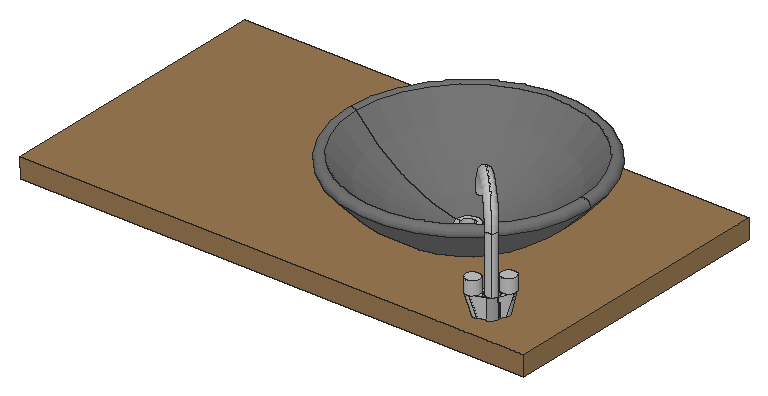
Revit family
Parameters (values of type "550 x 500")
  Width = 600 mm
  Tap Distance [instance] = 75 mm + (0.5 * Bowl Diameter)  # 275 mm
  Faucet = none
  Mounting Height [instance] = 850 mm
  Depth = 500 mm
  Counter Right [instance] = 600 mm
  Counter Left [instance] = 300 mm
  Bowl Diameter = 400 mm
  Bowel Rad 2 = 317.6 mm
Reference planes
  plane 1: y = 0
  plane 2 "Center (Left/Right)": x = 299.147
  plane 3 "Back": y = 75
  plane 4 "Mounting Height": z = 850
  plane 5: x = 99.147
  plane 6: x = 499.147
  plane 7: y = 575
  plane 8 "BowelCentreX": y = 325
  plane 9: z = 0
  plane 10: x = -300.853
  plane 11: x = 599.147
  plane 12: through (312.073, 312.073, 0) normal (-0.7071, -0.7071, 0)
  plane 13: through (181.975, -181.975, 0) normal (0.7071, -0.7071, 0)
  plane 14: through (-12.479, 12.479, 0) normal (0.7071, -0.7071, 0)
Forms (mm)
  Revolve 1, solid, material "Metal - Chrome"
    sketch origin (0, 325, 135) x (1, 0, 0) y (0, 0, 1)
      loop
        line (279.147, 710.773) -> (279.147, 676.549) -> (281.543, 676.298) -> (281.543, 621.786)
        arc (281.543, 621.786) -> (286.623, 608.857) -> (299.147, 602.846) r 18.991
        line (299.147, 602.846) -> (299.147, 676.213) -> (287.843, 676.213) -> (287.843, 710.773) -> (279.147, 710.773)
      axis (299.147, 602.846) -> (299.147, 710.773)
    angle from 0 to 360
  Extrusion 2, void
    sketch origin (299.147, 325, 845.773) x (0, 1, 0) y (-1, 0, 0)
      loop
        circle (-0.053, -0.053) r 12.042
    from 0 to -36.063
  Revolve 3, solid
    sketch origin (0, 325, 140) x (1, 0, 0) y (0, 0, 1)
      loop
        line (312.186, 701.93) -> (312.186, 681.659)
        arc (312.186, 681.659) -> (425.407, 722.908) -> (515.088, 803.392) r 317.352
        arc (515.088, 803.392) -> (512.049, 815.941) -> (499.147, 815.47) r 10.206
        arc (499.147, 815.47) -> (416.486, 740.884) -> (312.186, 701.93) r 297.352
      axis (299.147, 681.659) -> (299.147, 815.47)
    angle from 0 to 360
  Extrusion 4, solid
    sketch origin (0, 0, 850) x (0, 1, 0) y (-1, 0, 0)
      loop
        line (75, 300.853) -> (75, -599.147) -> (575, -599.147) -> (575, 300.853) -> (75, 300.853)
      loop
        circle (324.552, -299.594) r 70
    from 0 to -35
Cuts and joins
  Extrusion 2 cuts Revolve 1
Text (mm)
  text "Placement side" at (-1166.547, 544.381, 0), in view "Ref. Level"
  text "Placement side" at (0, 1827.695, 2917.686), in view "Left"
  text "Placement side" at (0, 562.268, 3853.606), in view "Right"
Dimensions and locks
  locked: plane 3 "Back" to host wall at 0
  equal spacing: plane 5, plane 2 "Center (Left/Right)", plane 6
  "Depth": plane 3 "Back" to plane 7
  equal spacing: plane 3 "Back", plane 8 "BowelCentreX", plane 7
  "Mounting Height": plane 9 to plane 4 "Mounting Height"
  level to plane 9 = 0 mm
  "Bowl Diameter": plane 5 to plane 6
  "Counter Right": plane 10 to plane 2 "Center (Left/Right)"
  "Counter Left": plane 2 "Center (Left/Right)" to plane 11
  "Tap Distance": plane 13 to plane 14
  aligned and locked: plane 1 to host wall
  aligned and locked: plane 2 "Center (Left/Right)" to Revolve 1 sketch curve
  aligned and locked: Revolve 1 sketch curve to Revolve 1 sketch curve
  aligned and locked: plane 6 to Revolve 3 sketch curve
  aligned and locked: plane 10 to Extrusion 4 sketch curve
  aligned and locked: Extrusion 4 sketch curve to plane 3 "Back"
  aligned and locked: plane 11 to Extrusion 4 sketch curve
  aligned and locked: plane 7 to Extrusion 4 sketch curve
  aligned and locked: Extrusion 4 sketch curve to plane 10
  aligned and locked: plane 4 "Mounting Height" to nested 1
  aligned and locked: plane 13 to nested 1
Automatic sketch dimensions
  plane 8 "BowelCentreX" to Extrusion 2 sketch curve = 0.053 mm
  plane 2 "Center (Left/Right)" to Extrusion 2 sketch curve = 0.053 mm
  Revolve 1 sketch curve to plane 2 "Center (Left/Right)" = 0 mm
  Revolve 1 sketch curve to plane 2 "Center (Left/Right)" = 11.304 mm
  Revolve 1 sketch curve to Revolve 1 sketch curve = 6.301 mm
  Revolve 1 sketch curve to Revolve 1 sketch curve = 8.696 mm
  plane 2 "Center (Left/Right)" to Revolve 1 sketch curve = 1.387 mm
  plane 4 "Mounting Height" to Revolve 1 sketch curve = 112.154 mm
  Revolve 1 sketch curve to Revolve 1 sketch curve = 54.427 mm
  Revolve 1 sketch curve to Revolve 1 sketch curve = 0.085 mm
  Revolve 1 sketch curve to Revolve 1 sketch curve = 0.252 mm
  Revolve 1 sketch curve to Revolve 1 sketch curve = 34.224 mm
  Revolve 1 sketch curve to Revolve 1 sketch curve = 32.466 mm
  Revolve 1 sketch curve to Revolve 1 sketch curve = 17.32 mm
  Revolve 3 sketch curve to Revolve 3 sketch curve = 0 mm  (x2)
  Revolve 3 sketch curve to plane 2 "Center (Left/Right)" = 0 mm
  Revolve 3 sketch curve to plane 2 "Center (Left/Right)" = 37.008 mm
  plane 2 "Center (Left/Right)" to Revolve 3 sketch curve = 13.039 mm
  Revolve 3 sketch curve to plane 6 = 6.739 mm
  Revolve 3 sketch curve to Revolve 3 sketch curve = 9.202 mm
  plane 4 "Mounting Height" to Revolve 3 sketch curve = 28.341 mm
  Revolve 3 sketch curve to Revolve 3 sketch curve = 20.271 mm
  Revolve 3 sketch curve to plane 4 "Mounting Height" = 93.392 mm
  Revolve 3 sketch curve to Revolve 3 sketch curve = 94.266 mm
  Revolve 3 sketch curve to Revolve 3 sketch curve = 50 mm
  Extrusion 4 sketch curve to plane 12 = 0 mm
  Extrusion 4 sketch curve to plane 14 = 0 mm
  radius of Extrusion 2 sketch curve = 12.042 mm
  radius of Extrusion 4 sketch curve = 70 mm
Nested families
  nested 1: "Tap02" at (495.547, 131.596, 850.385) x (-0.7071, -0.7071, 0) z (0, 0, 1), type "Tap02"
Definition of nested family "Tap02"
  Parameters
    TapHandle = none
  Reference planes
    plane 1 "Center (Front/Back)": y = 0
    plane 2: z = 0
    plane 3 "Center (Left/Right)": x = 0
  Forms (mm)
    Extrusion 1, solid, material <- "TapHandle"
      sketch origin (-198.024, -247.535, -760) x (1, 0, 0) y (0, 1, 0)
        loop
          circle (172.589, 235.603) r 12.7
      from 818.417 to 795.048
    Extrusion 2, solid, material "Metal - Steel, Polished"
      sketch origin (-147.224, -247.535, -760) x (1, 0, 0) y (0, 1, 0)
        loop
          circle (147.452, 247.093) r 12.7
      from 759.615 to 795.048
    Sweep 3, solid
      path origin (0.228, -247.535, -760) x (0, -1, 0) y (0, 0, 1)
        loop
          line (-247.093, 784.615) -> (-247.093, 897.328)
          arc (-247.093, 897.328) -> (-191.673, 952.748) -> (-136.253, 897.328) r 55.42
      profile origin (96.652, 0, 80.971) x (0, 1, 0) y (-1, 0, 0)
        loop
          circle (-0.443, 96.424) r 9.525
    Blend 4, solid
      base sketch origin (0, 0, 0) x (1, 0, 0) y (0, 1, 0)
        loop
          line (-7.641, 9.526) -> (-21.236, 3.186)
          arc (-21.236, 3.186) -> (-26.568, -12.469) -> (-11.148, -18.447) r 11.945
          line (-11.148, -18.447) -> (0.228, -13.143)
          arc (0.228, -13.143) -> (-11.77, -4.608) -> (-7.641, 9.526) r 12.7
      top sketch origin (0, 0, 0) x (1, 0, 0) y (0, 1, 0)
        loop
          line (-7.641, 9.526) -> (-32.114, -1.886)
          arc (-32.114, -1.886) -> (-36.028, -16.88) -> (-22.026, -23.52) r 12.148
          line (-22.026, -23.52) -> (0.228, -13.143)
          arc (0.228, -13.143) -> (-11.77, -4.608) -> (-7.641, 9.526) r 12.7
      from 0 to 35.048
    Extrusion 5, solid, material <- "TapHandle"
      sketch origin (198.024, -247.535, -760) x (-1, 0, 0) y (0, -1, 0)
        loop
          circle (172.589, -235.603) r 12.7
      from 818.417 to 795.048
    Blend 6, solid
      base sketch origin (0, 0, 0) x (-1, 0, 0) y (0, -1, 0)
        loop
          arc (-7.641, -9.526) -> (-11.77, 4.608) -> (0.228, 13.143) r 12.7
          line (0.228, 13.143) -> (-11.148, 18.447)
          arc (-11.148, 18.447) -> (-26.568, 12.469) -> (-21.236, -3.186) r 11.945
          line (-21.236, -3.186) -> (-7.641, -9.526)
      top sketch origin (0, 0, 0) x (-1, 0, 0) y (0, -1, 0)
        loop
          arc (-7.641, -9.526) -> (-11.77, 4.608) -> (0.228, 13.143) r 12.7
          line (0.228, 13.143) -> (-22.026, 23.52)
          arc (-22.026, 23.52) -> (-36.028, 16.88) -> (-32.114, 1.886) r 12.148
          line (-32.114, 1.886) -> (-7.641, -9.526)
      from 0 to 35.048
  Dimensions and locks
    aligned and locked: Extrusion 1 to Extrusion 2
